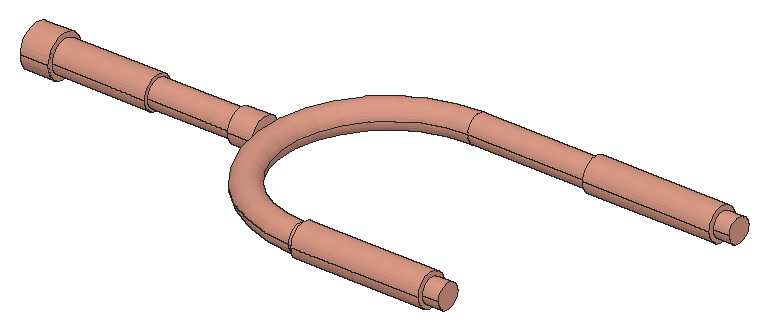
Revit family "outputfile", category 配管付属品, Revit 2024
Family settings
  丸型コネクタ寸法 = 半径を使用
  パーツ タイプ = 標準
  OmniClass 番号 = 23.65.55.00
  OmniClass タイトル = Distribution of Supplied Liquids/Gases
  作業面ベース = いいえ
  常に垂直 = はい
  ロード時にボイドで切り取り = いいえ
  共有 = いいえ
Parameters (values of type "KHRP24B33T")
  Description = ""
  製造元 = "Daikin"
  書き出し IFC クラス(タイプ) = "IfcPipeFittingType"
  定義済み IFC タイプ(タイプ) = "JUNCTION"
  Cost = 0
  Type Comments = ""
  Keynote = ""
  Type Image = (empty or 0)
  Assembly Code = ""
  switch_StraightPipe_Reducer2 [instance] = if(Is_StraightPipe Reducer = 1, 1 = 1, 1 = 0)  # no
  switch_StraightPipe1 [instance] = if(number_StraightPipe = 0, 1 = 0, 1 = 1)  # yes
  switch_Inlet pipe1 [instance] = if(number_InletPipe = 0, 1 = 0, 1 = 1)  # yes
  switch_BranchPipe1 [instance] = if(number_BranchPipe = 0, 1 = 0, 1 = 1)  # yes
  mm⇔inch [instance] = yes
  l_dividePipe2 [instance] = size_lookup(table_Inlet, "L_devidePipe2", 45.9 mm, モデル)  # 45.87 mm
  l_dividePipe0 = 4.22 mm
  l_StraightPipe000 [instance] = if(l_StraightPipe0 = 70.92 mm, l_StraightPipe00 + l_StraightPipe0, 0.0 mm)  # 0.0 mm
  l_StraightPipe00 = 9.19 mm  # constant formula
  l_InletPipe000 [instance] = if(l_InletPipe2 = 2.0 mm, 0.0 mm, l_InletPipe2)  # 9.92 mm
  l_InletPipe00 = 8.66 mm
  l_BranchPipe_Straight2 [instance] = size_lookup(table_BranchPipe, "L_offsetPipe2", 2.0 mm, モデル)  # 2.0 mm
  l_BranchPipe_Straight1 [instance] = size_lookup(table_BranchPipe, "L_offsetPipe1", 2.0 mm, モデル)  # 2.0 mm
  URL = ""
  O.D_OutletPipe [instance] = I.D_OutletPipe + 2.0 mm  # 9.52 mm
  I.D_InletPipe00 = 9.6 mm
  既定の高さ = 0.0 mm
  モデル = "KHRP24B33T"
  table_StraightPipe [instance] = if(mm⇔inch, "Refnet Joint_KHRP24B-T_Liquid_StraightPipe", "Refnet Joint_KHRP24B-T_Liquid_StraightPipe_inch")  # "Refnet Joint_KHRP24B-T_Liquid_StraightPipe"
  table_BranchPipe [instance] = if(mm⇔inch, "Refnet Joint_KHRP24B-T_Liquid_BranchPipe", "Refnet Joint_KHRP24B-T_Liquid_BranchPipe_inch")  # "Refnet Joint_KHRP24B-T_Liquid_BranchPipe"
  table_Inlet [instance] = if(mm⇔inch, "Refnet Joint_KHRP24B-T_Liquid_Inlet", "Refnet Joint_KHRP24B-T_Liquid_Inlet_inch")  # "Refnet Joint_KHRP24B-T_Liquid_Inlet"
  switch_StraightPipe_Reducer1 [instance] = StraightPipe_Liquid_ActualDiameter = 25.4 mm  # no
  switch_StraightPipe3 [instance] = if(number_StraightPipe = 3, 1 = 1, 1 = 0)  # no
  switch_StraightPipe2 [instance] = if(number_StraightPipe < 2, 1 = 0, 1 = 1)  # no
  switch_BranchPipe_Reducer [instance] = if(Is_BranchPipe Reducer = 1, 1 = 1, 1 = 0)  # no
  switch_BranchPipe3 [instance] = if(number_BranchPipe = 3, 1 = 1, 1 = 0)  # no
  switch_BranchPipe2 [instance] = if(number_BranchPipe < 2, 1 = 0, 1 = 1)  # yes
  switch_Inlet pipe_Reducer [instance] = if(Is_Inlet Reducer = 1, 1 = 1, 1 = 0)  # no
  switch_Inlet pipe3 [instance] = if(number_InletPipe = 3, 1 = 1, 1 = 0)  # no
  switch_Inlet pipe2 [instance] = if(number_InletPipe < 2, 1 = 0, 1 = 1)  # yes
  Uniclass2015Version = "Products v1.31"
  Uniclass2015Title = "Copper pipe fittings"
  Uniclass2015Code = "Pr_65_52_63_18"
  StraightPipe_Liquid_ActualDiameter [instance] = 6.4 mm
  Material_Piping = DAIKIN_Copper_Pipe
  Material_Insulation = DAIKIN_White_Insulation
  lw_Insulation [instance] = size_lookup(table_Inlet, "lw_Insulation", 57.3 mm, モデル)  # 58.28 mm
  Unit Type = "KHRP24B-T_Liquid"
  Tag No. [instance] = ""
  StraightPipe_Liquid_Status [instance] = size_lookup(table_StraightPipe, "Information", "The connected pipe size is not available.", モデル, StraightPipe_Liquid_ActualDiameter)  # "Default connector size is used."
  Link_Nested Family [instance] = ""
  Inlet_Liquid_Actual Diameter [instance] = 12.7 mm
  IfcVersion = ""
  IfcExportType = "JUNCTION"
  IfcExportAs = "IfcPipeFittingType"
  BranchPipe_Liquid_Status [instance] = size_lookup(table_BranchPipe, "Information", "The connected pipe size is not available.", モデル, BranchPipe_Liquid_ActualDiameter)  # "Default connector size is used."
  Inlet_Liquid_Status [instance] = size_lookup(table_Inlet, "Information", "The connected pipe size is not available.", モデル, Inlet_Liquid_Actual Diameter)  # "Default connector size is used."
  Series = "Refnet Joint"
  r_StraightPipe_Connector [instance] = StraightPipe_Liquid_ActualDiameter / 2  # 3.2 mm
  r_BranchPipe_Connector [instance] = BranchPipe_Liquid_ActualDiameter / 2  # 3.2 mm
  r_Inlet_Connector [instance] = Inlet_Liquid_Actual Diameter / 2  # 6.35 mm
  number_StraightPipe [instance] = size_lookup(table_StraightPipe, "pipeNumber", 2, モデル, StraightPipe_Liquid_ActualDiameter)  # 1
  number_BranchPipe [instance] = size_lookup(table_BranchPipe, "pipeNumber", 2, モデル, BranchPipe_Liquid_ActualDiameter)  # 2
  number_InletPipe [instance] = size_lookup(table_Inlet, "pipeNumber", 1, モデル, Inlet_Liquid_Actual Diameter)  # 2
  l_BranchPipe connector [instance] = size_lookup(table_BranchPipe, "Length", 51.5 mm, モデル, BranchPipe_Liquid_ActualDiameter)  # 51.47 mm
  l_inlet connector [instance] = size_lookup(table_Inlet, "Length", 46.7 mm, モデル, Inlet_Liquid_Actual Diameter)  # 81.66 mm
  l_dividePipe1 [instance] = size_lookup(table_Inlet, "L_devidePipe1", 86.2 mm, モデル)  # 86.15 mm
  l_StraightPipeReducer [instance] = size_lookup(table_StraightPipe, "L_Reducer", 2.0 mm, モデル, StraightPipe_Liquid_ActualDiameter)  # 2.0 mm
  l_StraightPipe3 [instance] = size_lookup(table_StraightPipe, "L_Pipe3", 2.0 mm, モデル)  # 2.0 mm
  l_StraightPipe2 [instance] = size_lookup(table_StraightPipe, "L_Pipe2", 6.0 mm, モデル)  # 2.0 mm
  l_StraightPipe1 [instance] = size_lookup(table_StraightPipe, "L_Pipe1", 45.2 mm, モデル)  # 6.0 mm
  l_StraightPipe0 [instance] = size_lookup(table_StraightPipe, "L_Pipe0", 2.0 mm, モデル)  # 45.2 mm
  l_StraightPipe connector [instance] = size_lookup(table_StraightPipe, "Length", 51.2 mm, モデル, StraightPipe_Liquid_ActualDiameter)  # 51.2 mm
  l_BranchPipe Reducer [instance] = size_lookup(table_BranchPipe, "L_Reducer", 2.0 mm, モデル, BranchPipe_Liquid_ActualDiameter)  # 2.0 mm
  l_BranchPipe3 [instance] = size_lookup(table_BranchPipe, "L_Pipe3", 2.0 mm, モデル)  # 2.0 mm
  l_BranchPipe2 [instance] = size_lookup(table_BranchPipe, "L_Pipe2", 6.0 mm, モデル)  # 6.0 mm
  l_BranchPipe1 [instance] = size_lookup(table_BranchPipe, "L_Pipe1", 45.5 mm, モデル)  # 45.47 mm
  l_BranchPipe0 [instance] = size_lookup(table_BranchPipe, "L_Pipe0", 2.0 mm, モデル)  # 2.0 mm
  l_InletReducer [instance] = size_lookup(table_Inlet, "L_Reducer", 2.0 mm, モデル, Inlet_Liquid_Actual Diameter)  # 2.0 mm
  l_InletPipe3 [instance] = size_lookup(table_Inlet, "L_Pipe3", 2.0 mm, モデル)  # 2.0 mm
  l_InletPipe2 [instance] = size_lookup(table_Inlet, "L_Pipe2", 2.0 mm, モデル)  # 9.92 mm
  l_InletPipe1 [instance] = size_lookup(table_Inlet, "L_Pipe1", 8.2 mm, モデル)  # 33.27 mm
  l_InletPipe0 [instance] = size_lookup(table_Inlet, "L_Pipe0", 29.8 mm, モデル)  # 29.81 mm
  center_StraightPipe [instance] = size_lookup(table_StraightPipe, "center_Pipe", 40.0 mm, モデル)  # 40.0 mm
  center_BranchPipe [instance] = size_lookup(table_BranchPipe, "center_OffsetPipe", 40.0 mm, モデル)  # 40.0 mm
  StraightPipe_Liquid_AvailableDiameter [instance] = size_lookup(table_StraightPipe, "sizeVariation", "", モデル)  # "6.4/9.5mm"
  BranchPipe_Liquid_AvailableDiameter [instance] = size_lookup(table_BranchPipe, "sizeVariation", "", モデル)  # "6.4/9.5mm"
  Inlet_Liquid_Available Diameter [instance] = size_lookup(table_Inlet, "sizeVariation", "", モデル)  # "9.5/12.7mm"
  O.D_StraightPipe Reducer [instance] = size_lookup(table_StraightPipe, "O.D_reducer", 2.0 mm, モデル, StraightPipe_Liquid_ActualDiameter)  # 2.0 mm
  O.D_Offset Outlet Reducer [instance] = size_lookup(table_BranchPipe, "O.D_reducer", 2.0 mm, モデル, BranchPipe_Liquid_ActualDiameter)  # 2.0 mm
  O.D_Inlet Reducer [instance] = size_lookup(table_Inlet, "O.D_reducer", 2.0 mm, モデル, Inlet_Liquid_Actual Diameter)  # 2.0 mm
  Is_StraightPipe Reducer [instance] = size_lookup(table_StraightPipe, "IsReducer", 0, モデル, StraightPipe_Liquid_ActualDiameter)  # 0
  Is_BranchPipe Reducer [instance] = size_lookup(table_BranchPipe, "IsReducer", 0, モデル, BranchPipe_Liquid_ActualDiameter)  # 0
  Is_Inlet Reducer [instance] = size_lookup(table_Inlet, "IsReducer", 0, モデル, Inlet_Liquid_Actual Diameter)  # 0
  BranchPipe_Liquid_ActualDiameter [instance] = 6.4 mm
  Attach_Insulation [instance] = no
  I.D_StraightPipe3 [instance] = size_lookup(table_StraightPipe, "I.D_PipeSize3", 2.0 mm, モデル)  # 2.0 mm
  I.D_StraightPipe2 [instance] = size_lookup(table_StraightPipe, "I.D_PipeSize2", 6.4 mm, モデル)  # 2.0 mm
  I.D_StraightPipe1 [instance] = size_lookup(table_StraightPipe, "I.D_PipeSize1", 9.5 mm, モデル)  # 6.4 mm
  I.D_StraightPipe0 [instance] = size_lookup(table_StraightPipe, "I.D_PipeSize0", 2.0 mm, モデル)  # 9.5 mm
  I.D_BranchPipe3 [instance] = size_lookup(table_BranchPipe, "I.D_PipeSize3", 2.0 mm, モデル)  # 2.0 mm
  I.D_BranchPipe2 [instance] = size_lookup(table_BranchPipe, "I.D_PipeSize2", 6.4 mm, モデル)  # 6.4 mm
  I.D_BranchPipe1 [instance] = size_lookup(table_BranchPipe, "I.D_PipeSize1", 9.5 mm, モデル)  # 9.5 mm
  I.D_BranchPipe0 [instance] = size_lookup(table_BranchPipe, "I.D_PipeSize0", 2.0 mm, モデル)  # 2.0 mm
  I.D_Straight Reducer [instance] = size_lookup(table_StraightPipe, "I.D_reducer", 2.0 mm, モデル, StraightPipe_Liquid_ActualDiameter)  # 2.0 mm
  I.D_OutletPipe [instance] = size_lookup(table_Inlet, "I.D_OutletPipeSize", 7.5 mm, モデル, Inlet_Liquid_Actual Diameter)  # 7.52 mm
  I.D_Branch Reducer [instance] = size_lookup(table_BranchPipe, "I.D_reducer", 2.0 mm, モデル, BranchPipe_Liquid_ActualDiameter)  # 2.0 mm
  I.D_Inlet Reducer [instance] = size_lookup(table_Inlet, "I.D_reducer", 2.0 mm, モデル, Inlet_Liquid_Actual Diameter)  # 2.0 mm
  I.D_InletPipe3 [instance] = size_lookup(table_Inlet, "I.D_PipeSize3", 2.0 mm, モデル)  # 2.0 mm
  I.D_InletPipe2 [instance] = size_lookup(table_Inlet, "I.D_PipeSize2", 2.0 mm, モデル)  # 12.7 mm
  I.D_InletPipe1 [instance] = size_lookup(table_Inlet, "I.D_PipeSize1", 9.5 mm, モデル)  # 9.5 mm
  I.D_InletPipe0 [instance] = size_lookup(table_Inlet, "I.D_PipeSize0", 7.5 mm, モデル)  # 7.52 mm
Reference planes
  plane 1 "Center (Front/Back)": y = 0
  plane 2: z = 0
  plane 3 "base_left": x = 0
  plane 4: x = 43.19
  plane 5: x = 73
  plane 6: x = 81.66
  plane 7 "l_dividePipe1": x = 167.81
  plane 8 "center_straight outlet": y = 40
  plane 9 "center2_offset outlet": y = -40
  plane 10: x = 223.01
  plane 11: x = 213.01
  plane 12: x = 219.01
  plane 13: x = 173
  plane 14: x = 179
  plane 15: x = 221.01
  plane 16: x = 181
  plane 17 "Reducer_straightoutlet": x = 179
  plane 18 "connector": x = 219.01
  plane 19 "Inlet_connector": x = 0
  plane 20 "Left_Insulation": x = 23.38
  plane 21: x = 85.88
  plane 22 "l_dividePipe2": x = 127.53
  plane 23: x = 125.88
  plane 24 "2": x = 9.92
  plane 25: x = 129.01
  plane 26: x = 0
Forms (mm)
  Sweep 1, solid, material "DAIKIN_Copper_Pipe" <- "Material_Piping"
    path origin (0, 0, 0) x (1, 0, 0) y (0, 1, 0)
      loop
        line (127.53, -40) -> (125.88, -40)
        arc (125.88, -40) -> (85.88, 0) -> (125.88, 40) r 40
        line (125.88, 40) -> (167.81, 40)
    profile origin (146.845, 40, 0) x (0, 1, 0) y (0, 0, 1)
      loop
        circle (0, 0) r 4.76
Dimensions and locks
  "l_InletPipe1": plane 24 "2" to plane 4
  "l_InletPipe0": plane 4 to plane 5
  "l_InletPipe00": plane 5 to plane 6
  "center_StraightPipe": plane 1 "Center (Front/Back)" to plane 8 "center_straight outlet"
  "center_BranchPipe": plane 9 "center2_offset outlet" to plane 1 "Center (Front/Back)"
  "l_dividePipe1": plane 6 to plane 7 "l_dividePipe1"
  "l_BranchPipe2": plane 13 to plane 14
  "l_StraightPipe1": plane 11 to plane 12
  "l_StraightPipe2": plane 12 to plane 15
  "l_BranchPipe3": plane 14 to plane 16
  "l_BranchPipe connector": plane 22 "l_dividePipe2" to plane 17 "Reducer_straightoutlet"
  "l_StraightPipe connector": plane 7 "l_dividePipe1" to plane 18 "connector"
  "l_inlet connector": plane 19 "Inlet_connector" to plane 6
  "lw_Insulation": plane 20 "Left_Insulation" to plane 6
  "l_dividePipe0": plane 6 to plane 21
  "l_dividePipe2": plane 6 to plane 22 "l_dividePipe2"
  "l_BranchPipe1": plane 22 "l_dividePipe2" to plane 13
  "center_StraightPipe": plane 21 to plane 23
  "l_InletPipe2": plane 26 to plane 24 "2"
  "l_StraightPipe0": plane 7 "l_dividePipe1" to plane 11
  "l_StraightPipe3": plane 15 to plane 10
  "center_StraightPipe": radius of Sweep 1 sketch curve
  "O.D_OutletPipe": diameter of Sweep 1 sketch curve
  aligned and locked: level to plane 2
  aligned and locked: plane 6 to nested 1
  aligned and locked: plane 1 "Center (Front/Back)" to nested 1
  aligned and locked: plane 8 "center_straight outlet" to nested 2
  aligned and locked: nested 2 to plane 7 "l_dividePipe1"
  aligned and locked: plane 9 "center2_offset outlet" to nested 3
  aligned and locked: nested 4 to plane 1 "Center (Front/Back)"
  aligned and locked: nested 5 to plane 9 "center2_offset outlet"
  aligned and locked: plane 18 "connector" to nested 6
  aligned and locked: nested 6 to plane 8 "center_straight outlet"
  aligned and locked: nested 4 to plane 19 "Inlet_connector"
  aligned and locked: plane 17 "Reducer_straightoutlet" to nested 5
  aligned and locked: plane 1 "Center (Front/Back)" to nested 7
  aligned and locked: plane 20 "Left_Insulation" to nested 7
  aligned and locked: plane 1 "Center (Front/Back)" to Sweep 1 sketch curve
  aligned and locked: plane 7 "l_dividePipe1" to Sweep 1 sketch curve
  aligned and locked: plane 23 to Sweep 1 sketch curve
  aligned and locked: plane 22 "l_dividePipe2" to nested 3
  aligned and locked: nested 8 to plane 8 "center_straight outlet"
  aligned and locked: plane 25 to nested 8
  aligned and locked: plane 22 "l_dividePipe2" to Sweep 1 sketch curve
  aligned and locked: nested 9 to plane 6
  aligned and locked: plane 1 "Center (Front/Back)" to nested 9
  aligned and locked: nested 9 to plane 5
  aligned and locked: plane 2 to nested 9
  aligned and locked: plane 1 "Center (Front/Back)" to nested 10
  aligned and locked: nested 10 to plane 5
  aligned and locked: plane 4 to nested 10
  aligned and locked: plane 1 "Center (Front/Back)" to nested 11
  aligned and locked: plane 4 to nested 11
  aligned and locked: plane 24 "2" to nested 11
  aligned and locked: plane 24 "2" to nested 12
  aligned and locked: plane 1 "Center (Front/Back)" to nested 12
  aligned and locked: plane 26 to nested 12
  aligned and locked: nested 13 to plane 9 "center2_offset outlet"
  aligned and locked: plane 22 "l_dividePipe2" to nested 13
  aligned and locked: plane 13 to nested 13
  aligned and locked: nested 14 to plane 9 "center2_offset outlet"
  aligned and locked: plane 13 to nested 14
  aligned and locked: plane 14 to nested 14
  aligned and locked: nested 15 to plane 9 "center2_offset outlet"
  aligned and locked: plane 16 to nested 15
  aligned and locked: plane 14 to nested 15
  aligned and locked: nested 16 to plane 8 "center_straight outlet"
  aligned and locked: nested 16 to plane 7 "l_dividePipe1"
  aligned and locked: plane 11 to nested 16
  aligned and locked: nested 17 to plane 8 "center_straight outlet"
  aligned and locked: plane 11 to nested 17
  aligned and locked: plane 12 to nested 17
  aligned and locked: plane 12 to nested 18
  aligned and locked: nested 18 to plane 8 "center_straight outlet"
  aligned and locked: plane 15 to nested 18
  aligned and locked: nested 19 to plane 8 "center_straight outlet"
  aligned and locked: plane 15 to nested 19
  aligned and locked: plane 10 to nested 19
Automatic sketch dimensions
  Sweep 1 sketch curve to level = 0.0 mm
  Sweep 1 sketch curve to profile plane = 0.0 mm
Nested families
  nested 1: "daikin_connector_rotate2" at (81.66, 0, 0) x (0, -1, 0) z (0, 0, 1), length <- "l_inlet connector", type "daikin_connector_rotate2"
    with radius 5.0 mm, length 81.66 mm, angle_vertical 90.00°, show_face no, locaton_mark no
  nested 2: "daikin_connector_rotate2" at (167.81, 40, 0) x (0, 1, 0) z (0, 0, 1), length <- "l_StraightPipe connector", type "daikin_connector_rotate2"
    with radius 5.0 mm, length 51.2 mm, angle_vertical 90.00°, show_face no, locaton_mark no
  nested 3: "daikin_connector_rotate2" at (127.53, -40, 0) x (0, 1, 0) z (0, 0, 1), length <- "l_BranchPipe connector", type "daikin_connector_rotate2"
    with radius 5.0 mm, length 51.47 mm, angle_vertical 90.00°, show_face no, locaton_mark no
  nested 4: "daikin_Pipe_reducer" at (1, 0, 0) x (-1, 0, 0) z (0, 0, 1), display <- "switch_Inlet pipe_Reducer", length_Pipe <- "l_InletReducer", I.D_Pipe1 <- "I.D_Inlet Reducer", O.D_Pipe2 <- "O.D_Inlet Reducer", type "*"
    with length_Pipe 2.0 mm, display no, O.D_Pipe2 2.0 mm, O.D_Pipe1 4.0 mm, I.D_Pipe2 0.0 mm, I.D_Pipe1 2.0 mm
  nested 5: "daikin_Pipe_reducer" at (178, -40, 0), I.D_Pipe1 <- "I.D_Branch Reducer", O.D_Pipe2 <- "O.D_Offset Outlet Reducer", length_Pipe <- "l_BranchPipe Reducer", display <- "switch_BranchPipe_Reducer", type "*"
    with length_Pipe 2.0 mm, display no, O.D_Pipe2 2.0 mm, O.D_Pipe1 4.0 mm, I.D_Pipe2 0.0 mm, I.D_Pipe1 2.0 mm
  nested 6: "daikin_Pipe_reducer" at (218.01, 40, 0), I.D_Pipe1 <- "I.D_Straight Reducer", O.D_Pipe2 <- "O.D_StraightPipe Reducer", length_Pipe <- "l_StraightPipeReducer", display <- "switch_StraightPipe_Reducer2", type "*"
    with length_Pipe 2.0 mm, display no, O.D_Pipe2 2.0 mm, O.D_Pipe1 4.0 mm, I.D_Pipe2 0.0 mm, I.D_Pipe1 2.0 mm
  nested 7: "daikin_Insulation_RefnetJoint" at (23.38, 0, 0), I.D_Outlet PipeSize <- "I.D_OutletPipe", type "*"
    with h 39.52 mm, I.D_Outlet PipeSize 7.52 mm
  nested 8: "daikin_Pipe_reducer" at (128.01, 40, 0), display <- "switch_StraightPipe_Reducer1", length_Pipe <- "l_StraightPipeReducer", type "*"
    with length_Pipe 2.0 mm, display no, O.D_Pipe2 19.1 mm, O.D_Pipe1 24.2 mm, I.D_Pipe2 17.1 mm, I.D_Pipe1 22.2 mm
  nested 9: "daikin_Pipe" at (77.33, 0, 0), I.D_Pipe <- "I.D_InletPipe00", type "*"
    with length_Pipe 8.66 mm, display yes, O.D_Pipe 11.6 mm, I.D_Pipe 9.6 mm
  nested 10: "daikin_Pipe" at (58.095, 0, 0), I.D_Pipe <- "I.D_InletPipe0", type "*"
    with length_Pipe 29.81 mm, display yes, O.D_Pipe 9.52 mm, I.D_Pipe 7.52 mm
  nested 11: "daikin_Pipe" at (26.555, 0, 0), I.D_Pipe <- "I.D_InletPipe1", type "*"
    with length_Pipe 33.27 mm, display yes, O.D_Pipe 11.5 mm, I.D_Pipe 9.5 mm
  nested 12: "daikin_Pipe" at (4.96, 0, 0), I.D_Pipe <- "I.D_InletPipe2", display <- "switch_Inlet pipe2", type "*"
    with length_Pipe 9.92 mm, display yes, O.D_Pipe 14.7 mm, I.D_Pipe 12.7 mm
  nested 13: "daikin_Pipe" at (150.265, -40, 0), I.D_Pipe <- "I.D_BranchPipe1", type "*"
    with length_Pipe 45.47 mm, display yes, O.D_Pipe 11.5 mm, I.D_Pipe 9.5 mm
  nested 14: "daikin_Pipe" at (176, -40, 0), I.D_Pipe <- "I.D_BranchPipe2", display <- "switch_BranchPipe2", type "*"
    with length_Pipe 6.0 mm, display yes, O.D_Pipe 8.4 mm, I.D_Pipe 6.4 mm
  nested 15: "daikin_Pipe" at (180, -40, 0), I.D_Pipe <- "I.D_BranchPipe3", display <- "switch_BranchPipe3", type "*"
    with length_Pipe 2.0 mm, display no, O.D_Pipe 4.0 mm, I.D_Pipe 2.0 mm
  nested 16: "daikin_Pipe" at (190.41, 40, 0), I.D_Pipe <- "I.D_StraightPipe0", type "*"
    with length_Pipe 45.2 mm, display yes, O.D_Pipe 11.5 mm, I.D_Pipe 9.5 mm
  nested 17: "daikin_Pipe" at (216.01, 40, 0), I.D_Pipe <- "I.D_StraightPipe1", display <- "switch_StraightPipe1", type "*"
    with length_Pipe 6.0 mm, display yes, O.D_Pipe 8.4 mm, I.D_Pipe 6.4 mm
  nested 18: "daikin_Pipe" at (220.01, 40, 0), I.D_Pipe <- "I.D_StraightPipe2", display <- "switch_StraightPipe2", type "*"
    with length_Pipe 2.0 mm, display no, O.D_Pipe 4.0 mm, I.D_Pipe 2.0 mm
  nested 19: "daikin_Pipe" at (222.01, 40, 0), I.D_Pipe <- "I.D_StraightPipe3", display <- "switch_StraightPipe3", type "*"
    with length_Pipe 2.0 mm, display no, O.D_Pipe 4.0 mm, I.D_Pipe 2.0 mm
Connectors
  piping at (0, 0, 0), diameter 12.7, driven by "r_Inlet_Connector"
    settings: on nested 1, index 1, connector inside diameter 609.6 mm, connector length 0.0 mm, flow factor 0, pipe flow 0.00 m³/h, pressure drop 0.0 Pa, fitting loss kfactor 0, connector angle 0.00°, fixture units 0, engagement length 0.0 mm, angle of deflection 0.00°, flow configuration 0, flow direction 1, fitting loss method 0, system type 29, joint type 0, gender type 0, connector reference index -1, connector utility 0, adjustable connector no, is connector primary yes, connector description "Refnet Joint_Inlet_Liquid"
  piping at (179, -40, 0), diameter 6.4, driven by "r_BranchPipe_Connector"
    settings: on nested 3, index 2, connector inside diameter 609.6 mm, connector length 0.0 mm, flow factor 0, pipe flow 0.00 m³/h, pressure drop 0.0 Pa, fitting loss kfactor 0, connector angle 0.00°, fixture units 0, engagement length 0.0 mm, angle of deflection 0.00°, flow configuration 0, flow direction 2, fitting loss method 0, system type 29, joint type 0, gender type 0, connector reference index -1, connector utility 0, adjustable connector no, is connector primary no, connector description "Refnet Joint_Outlet Branch_Liquid"
  piping at (219.01, 40, 0), diameter 6.4, driven by "r_StraightPipe_Connector"
    settings: on nested 2, index 3, connector inside diameter 609.6 mm, connector length 0.0 mm, flow factor 0, pipe flow 0.00 m³/h, pressure drop 0.0 Pa, fitting loss kfactor 0, connector angle 0.00°, fixture units 0, engagement length 0.0 mm, angle of deflection 0.00°, flow configuration 0, flow direction 2, fitting loss method 0, system type 29, joint type 0, gender type 0, connector reference index -1, connector utility 0, adjustable connector no, is connector primary no, connector description "Refnet Joint_Outlet Straight_Liquid"
Definition of nested family "daikin_Pipe"
  Parameters (values of type "*")
    Default Elevation = 0.0 mm
    material = none
    length_Pipe [instance] = 150.0 mm
    display [instance] = yes
    O.D_Pipe [instance] = I.D_Pipe + 2.0 mm  # 27.0 mm
    I.D_Pipe [instance] = 25.0 mm
  Reference planes
    plane 1 "Center (Front/Back)": y = 0
    plane 2 "center(vertical)": z = 0
    plane 3 "Center (Left/Right)": x = 0
    plane 4 "left": x = -75
    plane 5 "right": x = 75
  Forms (mm)
    Extrusion 1, solid, material <- "material", visible <- "display"
      sketch origin (0, 0, 0) x (0, 1, 0) y (0, 0, 1)
        loop
          circle (0, 0) r 13.5
      from -75 to 75
  Dimensions and locks
    equal spacing: plane 4 "left", plane 3 "Center (Left/Right)", plane 5 "right"
    "length_Pipe": plane 4 "left" to plane 5 "right"
    "O.D_Pipe": diameter of Extrusion 1 sketch curve
    aligned and locked: level to plane 2 "center(vertical)"
    aligned and locked: plane 2 "center(vertical)" to Extrusion 1 sketch curve
    aligned and locked: plane 1 "Center (Front/Back)" to Extrusion 1 sketch curve
    aligned and locked: plane 5 "right" to Extrusion 1
    aligned and locked: Extrusion 1 to plane 4 "left"
Definition of nested family "daikin_connector_rotate2"
  Parameters (values of type "daikin_connector_rotate2")
    show_face = yes
    radius [instance] = 10.0 mm
    locaton_mark = yes
    length [instance] = 600.0 mm
    d_surface = 10.0 mm
    angle_vertical [instance] = 90.00°
    Default Elevation = 0.0 mm
  Reference planes
    plane 1 "Center (Front/Back)": y = 0
    plane 2: z = 0
    plane 3 "Center (Left/Right)": x = 0
  Forms (mm)
    Extrusion 1, solid, visible <- "show_face"
      sketch origin (0, -600, 0) x (1, 0, 0) y (0, 0, 1)
        loop
          circle (0, 0) r 10
      from 0 to -10
  Lines and regions (mm)
    reference lines
      curve 1: line (0, 0, 0) -> (0, -600, 0)
    symbolic lines, visible <- "locaton_mark"
      curve 2: circle (0, 0, 0) r 5 normal (0, 0, 1)
    model lines, visible <- "show_face"
      curve 3: line (0, 0, 0) -> (0, -600, 0)
  Dimensions and locks
    "length": curve 1 to curve 1
    "length": curve 3 to curve 3
    "d_surface": Extrusion 1 to Extrusion 1
    "radius": radius of Extrusion 1 sketch curve
    "angle_vertical": angle curve 1 to plane 1 "Center (Front/Back)"
    "angle_vertical": angle curve 3 to plane 1 "Center (Front/Back)"
    aligned and locked: level to plane 2
    aligned and locked: plane 1 "Center (Front/Back)" to curve 1
    aligned and locked: plane 2 to curve 1
    aligned and locked: plane 1 "Center (Front/Back)" to curve 2
    aligned and locked: plane 3 "Center (Left/Right)" to curve 2
    aligned and locked: plane 1 "Center (Front/Back)" to curve 3
    aligned and locked: plane 2 to curve 3
    aligned and locked: Extrusion 1 to Extrusion 1
  Automatic sketch dimensions
    Extrusion 1 sketch curve to level = 0.0 mm
    Extrusion 1 sketch curve to plane 3 "Center (Left/Right)" = 0.0 mm
    radius of curve 2 = 5.0 mm
Definition of nested family "daikin_Pipe_reducer"
  Parameters (values of type "*")
    Default Elevation = 0.0 mm
    material = none
    length_Pipe [instance] = 250.0 mm
    display [instance] = yes
    O.D_Pipe2 [instance] = 19.1 mm
    O.D_Pipe1 [instance] = I.D_Pipe1 + 2.0 mm  # 24.2 mm
    I.D_Pipe2 [instance] = O.D_Pipe2 - 2.0 mm  # 17.1 mm
    I.D_Pipe1 [instance] = 22.2 mm
  Reference planes
    plane 1 "Center (Front/Back)": y = 0
    plane 2 "center(vertical)": z = 0
    plane 3 "Center (Left/Right)": x = 0
    plane 4 "connection": x = -125
    plane 5 "right": x = 113
    plane 6: x = 125
  Forms (mm)
    Extrusion 1, solid, material <- "material", visible <- "display"
      sketch origin (0, 0, 0) x (0, 1, 0) y (0, 0, 1)
        loop
          circle (0, 0) r 9.55
      from -125 to 113
    Extrusion 2, solid, material <- "material", visible <- "display"
      sketch origin (0, 0, 0) x (0, 1, 0) y (0, 0, 1)
        loop
          circle (0, 0) r 12.1
      from 113 to 125
  Dimensions and locks
    locked: plane 5 "right" to plane 6 at 12
    "length_Pipe": plane 4 "connection" to plane 6
    equal spacing: plane 4 "connection", plane 3 "Center (Left/Right)", plane 6
    "O.D_Pipe2": diameter of Extrusion 1 sketch curve
    "O.D_Pipe1": diameter of Extrusion 2 sketch curve
    aligned and locked: level to plane 2 "center(vertical)"
    aligned and locked: plane 2 "center(vertical)" to Extrusion 1 sketch curve
    aligned and locked: plane 1 "Center (Front/Back)" to Extrusion 1 sketch curve
    aligned and locked: plane 5 "right" to Extrusion 1
    aligned and locked: Extrusion 1 to plane 4 "connection"
    aligned and locked: plane 2 "center(vertical)" to Extrusion 2 sketch curve
    aligned and locked: plane 1 "Center (Front/Back)" to Extrusion 2 sketch curve
    aligned and locked: Extrusion 2 to plane 5 "right"
    aligned and locked: plane 6 to Extrusion 2
Definition of nested family "daikin_Insulation_RefnetJoint"
  Parameters (values of type "*")
    Default Elevation = 0.0 mm
    Model = "KHRP24B22T"
    w_Insulation3 = size_lookup(table_Insulation, "w_Insulation3", 16.0 mm, Model)  # 35.0 mm
    w_Insulation2 = size_lookup(table_Insulation, "w_Insulation2", 77.0 mm, Model)  # 73.82 mm
    w_Insulation1 = size_lookup(table_Insulation, "w_Insulation1", 28.0 mm, Model)  # 41.18 mm
    table_Insulation = "Refnet Joint_KHRP24B-T_Liquid_Insulation"  # constant formula
    r_Insulation = d_Insulation1 / 2  # 67.0 mm
    material = none
    h [instance] = (I.D_Outlet PipeSize + 2.0 mm) + 30.0 mm  # 47.0 mm
    display = no
    d_Insulation3 = size_lookup(table_Insulation, "d_Insulation3", 16.0 mm, Model)  # 26.0 mm
    d_Insulation2 = size_lookup(table_Insulation, "d_Insulation2", 64.0 mm, Model)  # 54.0 mm
    d_Insulation1 = size_lookup(table_Insulation, "d_Insulation1", 144.0 mm, Model)  # 134.0 mm
    I.D_Outlet PipeSize [instance] = 15.0 mm
  Reference planes
    plane 1 "Center (Front/Back)": y = 0
    plane 2: z = 0
    plane 3 "Left": x = 0
    plane 4 "top": z = 23.5
    plane 5 "bottom": z = -23.5
    plane 6: x = 41.18
    plane 7: y = 27
    plane 8: y = -27
    plane 9: y = 67
    plane 10: y = -67
    plane 11: x = 115
    plane 12: x = 150
    plane 13: y = 13
    plane 14: y = -13
  Forms (mm)
    Extrusion 1, solid, material <- "material", visible <- "display"
      sketch origin (-2, 0, 0) x (1, 0, 0) y (0, 1, 0)
        loop
          arc (104.499, 67) -> (67.893, 56.116) -> (43.18, 27) r 67
          line (43.18, 27) -> (2, 27) -> (2, -27) -> (43.18, -27)
          arc (43.18, -27) -> (67.893, -56.116) -> (104.499, -67) r 67
          line (104.499, -67) -> (152, -67) -> (152, -13) -> (117, -13) -> (117, 13) -> (152, 13) -> (152, 67) -> (104.499, 67)
      from -23.5 to 23.5
  Dimensions and locks
    equal spacing: plane 4 "top", plane 2, plane 5 "bottom"
    "h": plane 4 "top" to plane 5 "bottom"
    "d_Insulation2": plane 7 to plane 8
    "d_Insulation1": plane 9 to plane 10
    "w_Insulation2": plane 6 to plane 11
    "w_Insulation3": plane 11 to plane 12
    "d_Insulation3": plane 13 to plane 14
    "w_Insulation1": plane 3 "Left" to plane 6
    equal spacing: plane 9, plane 1 "Center (Front/Back)", plane 10
    equal spacing: plane 7, plane 1 "Center (Front/Back)", plane 8
    equal spacing: plane 13, plane 1 "Center (Front/Back)", plane 14
    "r_Insulation": radius of Extrusion 1 sketch curve  (x2)
    aligned and locked: level to plane 2
    aligned and locked: Extrusion 1 to plane 5 "bottom"
    aligned and locked: plane 4 "top" to Extrusion 1
    aligned and locked: Extrusion 1 sketch curve to plane 10
    aligned and locked: Extrusion 1 sketch curve to plane 9
    aligned and locked: plane 7 to Extrusion 1 sketch curve
    aligned and locked: plane 8 to Extrusion 1 sketch curve
    aligned and locked: Extrusion 1 sketch curve to plane 12  (x2)
    aligned and locked: plane 13 to Extrusion 1 sketch curve
    aligned and locked: Extrusion 1 sketch curve to plane 14
    aligned and locked: Extrusion 1 sketch curve to plane 11
    aligned and locked: Extrusion 1 to plane 3 "Left"
    aligned and locked: plane 6 to Extrusion 1 sketch curve  (x2)
  Automatic sketch dimensions
    Extrusion 1 sketch curve to plane 3 "Left" = 0.0 mm
